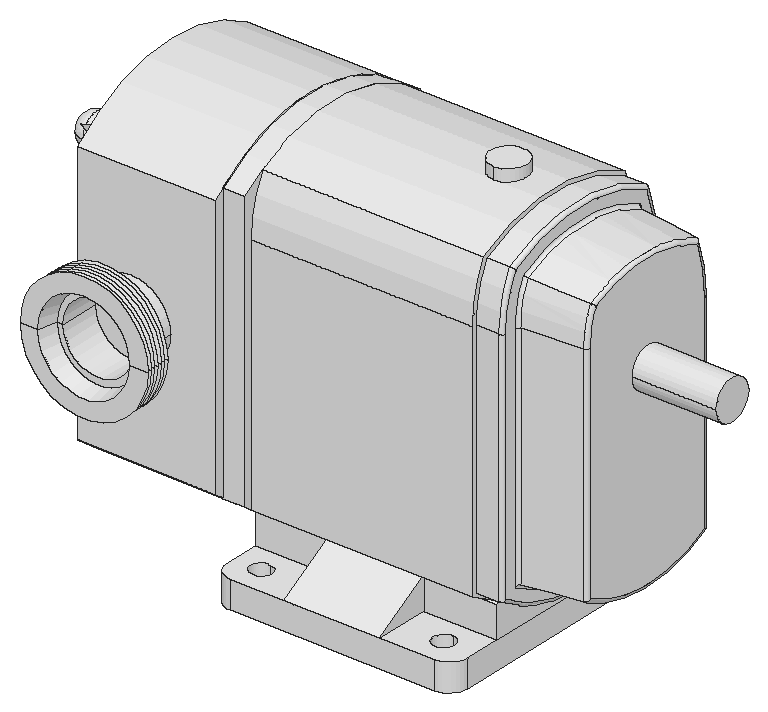
Revit family "MIT MLP 25 - Lobe Pump ", category Specialty Equipment, Revit 2022
Family settings
  Round Connector Dimension = Use Diameter
  Part Type = Normal
  Work Plane-Based = No
  Always vertical = Yes
  Cut with Voids When Loaded = No
  Maintain Annotation Orientation = No
  Shared = No
  Room Calculation Point = No
Parameters
  URL = "https://en.ekinendustriyel.com/lobe-pumps/lobe-pumps"
  Pressure = 20.0 bar  # constant formula
  Motor Power = 4 kW  # constant formula
  Model = "MLP-23-TUL"
  Manufacturer = "Ekin Endüstriyel"
  Keynote = "Double Serpentine Heater Tank"
  Flow = 5.0 m³/h  # constant formula
  Description = "MIT MLP 23 - Lobe Pump"
  Default Elevation = 0 mm
Reference planes
  plane 1 "Center (Front/Back)": y = 0
  plane 2: z = 0
  plane 3 "Center (Left/Right)": x = 0
Forms (mm)
  Extrusion 1, solid, material "Ekin Endüstriyel_StainlesSteel", detail levels medium+fine
    sketch origin (0, 0, 0) x (0, 1, 0) y (0, 0, 1)
      loop
        arc (65, 198) -> (0, 223) -> (-65, 198) r 97
        line (-65, 198) -> (-65, 54)
        arc (-65, 54) -> (0, 29) -> (65, 54) r 97
        line (65, 54) -> (65, 198)
    from 12.606 to -63.081
  Extrusion 2, solid, material "Ekin Endüstriyel_StainlesSteel", detail levels medium+fine
    sketch origin (0, 0, 0) x (0, 1, 0) y (0, 0, 1)
      loop
        arc (-48, 210.291) -> (-53.968, 195.324) -> (-56, 179.34) r 63.873
        line (-56, 179.34) -> (-56, 46.798)
        arc (-56, 46.798) -> (0, 29) -> (56, 46.798) r 97
        line (56, 46.798) -> (56, 169.858)
        arc (56, 169.858) -> (53.981, 190.467) -> (48, 210.291) r 106.175
        arc (48, 210.291) -> (0, 223) -> (-48, 210.291) r 97
    from 146.106 to 24.606
  Extrusion 3, solid, material "Ekin Endüstriyel_StainlesSteel", detail levels coarse
    sketch origin (0, 0, 0) x (0, 1, 0) y (0, 0, 1)
      loop
        arc (65, 198) -> (0, 223) -> (-65, 198) r 97
        line (-65, 198) -> (-65, 54)
        arc (-65, 54) -> (0, 29) -> (65, 54) r 97
        line (65, 54) -> (65, 198)
    from -63.081 to 197.106
  Sweep 4, solid, material "Ekin Endüstriyel_StainlesSteel", detail levels medium+fine
    path in 3D
      loop
        arc (146.106, 48, 210.291) -> (146.106, 53.981, 190.467) -> (146.106, 56, 169.858) r 106.175
        line (146.106, 56, 169.858) -> (146.106, 56, 46.798)
        arc (146.106, 56, 46.798) -> (146.106, 0, 29) -> (146.106, -56, 46.798) r 97
        line (146.106, -56, 46.798) -> (146.106, -56, 179.34)
        arc (146.106, -56, 179.34) -> (146.106, -53.968, 195.324) -> (146.106, -48, 210.291) r 63.873
        arc (146.106, -48, 210.291) -> (146.106, 0, 223) -> (146.106, 48, 210.291) r 97
    profile origin (146.106, 0, 223) x (0, 0, 1) y (1, 0, 0)
      loop
        line (-2.005, 0) -> (-2.005, 13.034)
        arc (-2.005, 13.034) -> (-2.584, 14.431) -> (-3.981, 15.01) r 1.976
        line (-3.981, 15.01) -> (-10.05, 15.01)
        arc (-10.05, 15.01) -> (-11.399, 15.533) -> (-12.042, 16.828) r 2
        line (-12.042, 16.828) -> (-14.997, 49.192)
        arc (-14.997, 49.192) -> (-15.641, 50.487) -> (-16.989, 51.01) r 2
        line (-16.989, 51.01) -> (-23.918, 51.01) -> (-23.918, 0) -> (-2.005, 0)
  Extrusion 5, solid, material "Ekin Endüstriyel_StainlesSteel", detail levels medium+fine
    sketch origin (0, 0, 0) x (0, 1, 0) y (0, 0, 1)
      loop
        arc (-29.766, 192.746) -> (-31.499, 186.142) -> (-32.082, 179.34) r 39.955
        line (-32.082, 179.34) -> (-32.082, 60.336)
        arc (-32.082, 60.336) -> (0, 52.918) -> (32.082, 60.336) r 73.082
        line (32.082, 60.336) -> (32.082, 169.858)
        arc (32.082, 169.858) -> (31.232, 181.657) -> (28.697, 193.212) r 82.257
        arc (28.697, 193.212) -> (-0.583, 199.08) -> (-29.766, 192.746) r 73.082
    from 197.117 to 146.106
  Revolve 6, solid, material "Ekin Endüstriyel_StainlesSteel", detail levels fine
    sketch origin (35.739, 0, 123.787) x (1, 0, 0) y (0, 1, 0)
      loop
        line (-91.533, -65.017) -> (-91.533, -81.986) -> (-102.84, -81.986) -> (-104.31, -82.834) -> (-102.306, -83.991) -> (-104.31, -85.147) -> (-102.306, -86.304) -> (-104.31, -87.461) -> (-102.306, -88.617) -> (-104.31, -89.774) -> (-102.305, -90.932) -> (-104.31, -92.089) -> (-102.306, -93.246) -> (-104.31, -94.403) -> (-102.306, -95.559) -> (-104.665, -96.921) -> (-95.021, -96.921) -> (-92.632, -86.921) -> (-89.13, -86.921) -> (-89.13, -65.017) -> (-91.533, -65.017)
      axis (-69.763, -65.017) -> (-69.763, -96.921)
    angle from 0 to 360
  Extrusion 7, solid, material "Ekin Endüstriyel_StainlesSteel"
    sketch origin (-63.081, 0, 0) x (0, -1, 0) y (0, 0, 1)
      loop
        circle (0, 126) r 50
    from 0 to 8.313
  Extrusion 8, solid, material "Ekin Endüstriyel_StainlesSteel", detail levels medium+fine
    sketch origin (0, 0, 0) x (0, 1, 0) y (0, 0, 1)
      loop
        line (-34.093, 32.841) -> (-65, 15) -> (65, 15) -> (34.097, 32.842)
        arc (34.097, 32.842) -> (0.002, 27.834) -> (-34.093, 32.841) r 118.583
    from 49.717 to 102.402
  Extrusion 9, solid, material "Ekin Endüstriyel_StainlesSteel", detail levels medium
    sketch origin (-75.568, 0, 30.923) x (1, 0, 0) y (0, 0, 1)
      loop
        circle (41.544, 92.864) r 34.902
      loop
        circle (41.544, 92.864) r 25.078
    from 65.017 to 96.921
  Extrusion 10, solid, material "Ekin Endüstriyel_StainlesSteel"
    sketch origin (107.25, 0, 153) x (0, 0, 1) y (0, 1, 0)
      loop
        circle (0, 0) r 11
    from -136.356 to -89.856
  Extrusion 11, solid, material "Ekin Endüstriyel_StainlesSteel", detail levels medium+fine
    sketch origin (0, 0, 0) x (0, 1, 0) y (0, 0, 1)
      loop
        line (-60, 202.217) -> (-60, 49.783)
        arc (-60, 49.783) -> (0, 29) -> (60, 49.783) r 97
        line (60, 49.783) -> (60, 202.217)
        arc (60, 202.217) -> (0, 223) -> (-60, 202.217) r 97
    from 24.606 to 12.606
  Extrusion 12, solid, material "Ekin Endüstriyel_StainlesSteel", detail levels coarse
    sketch origin (-99.135, 0, 4.353) x (1, 0, 0) y (0, 0, 1)
      loop
        circle (65.111, 119.434) r 34.902
    from 65 to 96.921
  Extrusion 13, solid, material "Ekin Endüstriyel_StainlesSteel"
    sketch origin (0, 0, 0) x (1, 0, 0) y (0, 1, 0)
      loop
        line (20.606, -65) -> (132.606, -65)
        arc (132.606, -65) -> (139.677, -62.071) -> (142.606, -55) r 10
        line (142.606, -55) -> (142.606, 55)
        arc (142.606, 55) -> (139.677, 62.071) -> (132.606, 65) r 10
        line (132.606, 65) -> (20.606, 65)
        arc (20.606, 65) -> (13.535, 62.071) -> (10.606, 55) r 10
        line (10.606, 55) -> (10.606, -55)
        arc (10.606, -55) -> (13.535, -62.071) -> (20.606, -65) r 10
      loop
        circle (25.606, -50) r 6
      loop
        circle (125.606, -50) r 6
      loop
        circle (125.606, 50) r 6
      loop
        circle (25.606, 50) r 6
    from 0 to 15
  Extrusion 14, solid, material "Ekin Endüstriyel_StainlesSteel"
    sketch origin (0, 0, 0) x (0, 1, 0) y (0, 0, 1)
      loop
        line (-31.587, 34.287) -> (-35.009, 32.312) -> (-35.009, 15) -> (35.026, 15) -> (35.026, 32.305) -> (31.591, 34.289)
        arc (31.591, 34.289) -> (0.002, 29) -> (-31.587, 34.287) r 97
    from 10.606 to 142.606
  Revolve 15, solid, material "Ekin Endüstriyel_StainlesSteel", detail levels fine
    sketch origin (56.401, 0, 191.795) x (1, 0, 0) y (0, 1, 0)
      loop
        line (-119.482, -30.426) -> (-128.896, -30.426)
        arc (-128.896, -30.426) -> (-135.428, -33.235) -> (-137.883, -39.91) r 9
        line (-137.883, -39.91) -> (-119.482, -39.91) -> (-119.482, -30.426)
      axis (-119.482, -39.954) -> (-137.883, -39.954)
    angle from 0 to 360
  Extrusion 16, solid, material "Ekin Endüstriyel_StainlesSteel", detail levels medium+fine
    sketch origin (0, 0, 0) x (1, 0, 0) y (0, 1, 0)
      loop
        circle (121.106, 0) r 10
    from 221 to 229
  Extrusion 17, solid, material "Ekin Endüstriyel_StainlesSteel", detail levels coarse+medium
    sketch origin (-119.482, 0, 146.417) x (0, 0, 1) y (0, 1, 0)
      loop
        circle (45.378, -39.954) r 9.5
      loop
        circle (45.378, 39.954) r 9.5
      loop
        circle (-86.212, 39.954) r 9.5
      loop
        circle (-86.212, -39.954) r 9.5
    from -56.401 to -38.013
  Revolve 18, solid, material "Ekin Endüstriyel_StainlesSteel", detail levels fine
    sketch origin (56.401, 0, 191.795) x (1, 0, 0) y (0, 1, 0)
      loop
        line (-119.482, 49.437) -> (-128.896, 49.437)
        arc (-128.896, 49.437) -> (-135.428, 46.628) -> (-137.883, 39.954) r 9
        line (-137.883, 39.954) -> (-119.482, 39.954) -> (-119.482, 49.437)
      axis (-119.482, 39.954) -> (-137.883, 39.954)
    angle from 0 to 360
  Revolve 19, solid, material "Ekin Endüstriyel_StainlesSteel", detail levels fine
    sketch origin (56.401, 0, 60.205) x (1, 0, 0) y (0, 1, 0)
      loop
        line (-119.482, -30.426) -> (-128.896, -30.426)
        arc (-128.896, -30.426) -> (-135.428, -33.235) -> (-137.883, -39.91) r 9
        line (-137.883, -39.91) -> (-119.482, -39.91) -> (-119.482, -30.426)
      axis (-119.482, -39.954) -> (-137.883, -39.954)
    angle from 0 to 360
  Revolve 20, solid, material "Ekin Endüstriyel_StainlesSteel", detail levels fine
    sketch origin (56.401, 0, 60.205) x (1, 0, 0) y (0, 1, 0)
      loop
        line (-119.482, 49.437) -> (-128.896, 49.437)
        arc (-128.896, 49.437) -> (-135.428, 46.628) -> (-137.883, 39.954) r 9
        line (-137.883, 39.954) -> (-119.482, 39.954) -> (-119.482, 49.437)
      axis (-119.482, 39.954) -> (-137.883, 39.954)
    angle from 0 to 360
  Revolve 21, solid, material "Ekin Endüstriyel_StainlesSteel", detail levels fine
    sketch origin (35.739, 0, 123.787) x (1, 0, 0) y (0, 1, 0)
      loop
        line (-91.533, 65.017) -> (-89.13, 65.017) -> (-89.13, 86.921) -> (-92.632, 86.921) -> (-95.021, 96.921) -> (-104.665, 96.921) -> (-102.306, 95.559) -> (-104.31, 94.403) -> (-102.306, 93.246) -> (-104.31, 92.089) -> (-102.305, 90.932) -> (-104.31, 89.774) -> (-102.306, 88.617) -> (-104.31, 87.461) -> (-102.306, 86.304) -> (-104.31, 85.147) -> (-102.306, 83.991) -> (-104.31, 82.834) -> (-102.84, 81.986) -> (-91.533, 81.986) -> (-91.533, 65.017)
      axis (-69.763, 65.017) -> (-69.763, 96.921)
    angle from 0 to 360
  Extrusion 22, solid, material "Ekin Endüstriyel_StainlesSteel", detail levels medium
    sketch origin (-75.568, 0, 30.923) x (1, 0, 0) y (0, 0, -1)
      loop
        circle (41.544, -92.864) r 34.902
      loop
        circle (41.544, -92.864) r 25.078
    from 65.017 to 96.921
  Extrusion 23, solid, material "Ekin Endüstriyel_StainlesSteel", detail levels coarse
    sketch origin (-99.135, 0, 4.353) x (1, 0, 0) y (0, 0, -1)
      loop
        circle (65.111, -119.434) r 34.902
    from 65 to 96.921
Cuts and joins
  joined: Sweep 4, Extrusion 5
  joined: Extrusion 2, Extrusion 11, Extrusion 16
Lines and regions (mm)
  sketch lines
    curve 1: arc (146.106, -48, 210.291) -> (146.106, 0, 223) -> (146.106, 48, 210.291) r 97
    curve 2: arc (146.106, -56, 179.34) -> (146.106, -53.968, 195.324) -> (146.106, -48, 210.291) r 63.873
    curve 3: line (146.106, -56, 179.34) -> (146.106, -56, 46.798)
    curve 4: arc (146.106, 56, 46.798) -> (146.106, 0, 29) -> (146.106, -56, 46.798) r 97
    curve 5: line (146.106, 56, 46.798) -> (146.106, 56, 169.858)
    curve 6: arc (146.106, 48, 210.291) -> (146.106, 53.981, 190.467) -> (146.106, 56, 169.858) r 106.175
Dimensions and locks
  aligned and locked: level to plane 2
Connectors
  piping at (-34.024, 96.921, 123.787), diameter 50.8
    settings: on Extrusion 22, index 2, connector inside diameter 609.6 mm, connector length 0 mm, flow factor 0, pipe flow 0.0 m³/h, pressure drop 0.0 bar, fitting loss kfactor 0, connector angle 0.00°, fixture units 0, engagement length 0 mm, angle of deflection 0.00°, flow configuration 0, flow direction 0, fitting loss method 0, system type 7, joint type 0, gender type 0, connector reference index -1, connector utility 0, adjustable connector no, is connector primary yes, connector description ""
  piping at (-34.024, -96.921, 123.787), diameter 50.8
    settings: on Extrusion 9, index 3, connector inside diameter 609.6 mm, connector length 0 mm, flow factor 0, pipe flow 0.0 m³/h, pressure drop 0.0 bar, fitting loss kfactor 0, connector angle 0.00°, fixture units 0, engagement length 0 mm, angle of deflection 0.00°, flow configuration 0, flow direction 0, fitting loss method 0, system type 7, joint type 0, gender type 0, connector reference index -1, connector utility 0, adjustable connector no, is connector primary no, connector description ""
